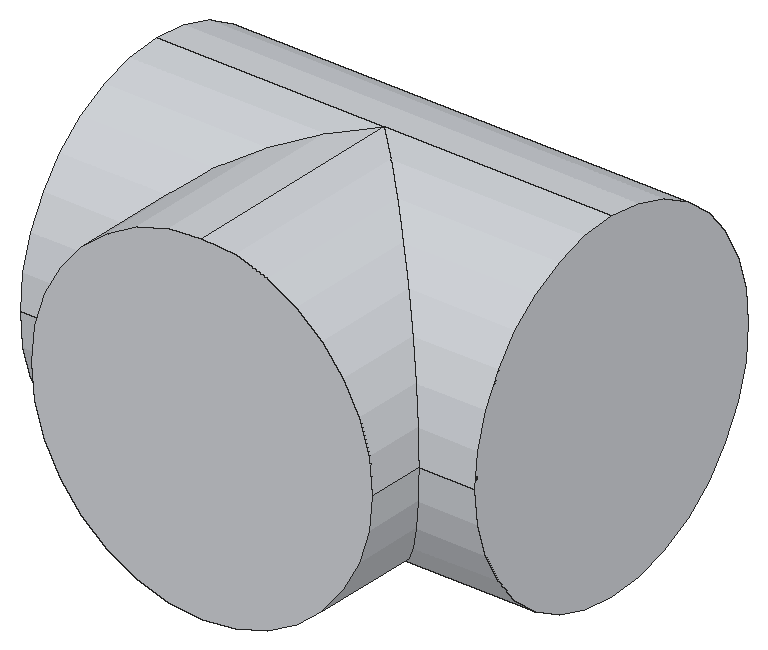
Revit family "M_T redondo", category Conexões de duto, Revit 2019
Family settings
  Cota do conector redondo = Usar raio
  Tipo de parte = Tê
  Número OmniClass = 23.75.70.14
  Título OmniClass = Air Ductwork
  ID de item do Seek = Round Tee-0000-CAN-ENU
  Com base no plano de trabalho = Não
  Sempre na vertical = Sim
  Corte com vazios quando carregada = Não
  Compartilhado = Não
Parameters (values of type "Padrão")
  Raio do duto 3 [instance] = 150 mm
  Raio do duto 1 [instance] = 150 mm
  Comprimento do duto 3 [instance] = Raio do duto 1 + 50 mm  # 200 mm
  Comprimento do duto 1 [instance] = Raio do duto 3 * 2 + 100 mm  # 400 mm
  Assembly Code = ""
Reference planes
  plane 1 "Centro (Frente/Trás)": y = 0
  plane 2: z = 0
  plane 3 "Centro (Esquerda/Direita)": x = 0
  plane 4: x = -200
  plane 5: x = 200
  plane 6: y = -200
Forms (mm)
  Sweep 1, solid, detail levels medium+fine
    path in 3D
      loop
        line (-200, 0, 0) -> (200, 0, 0)
    profile "M_Duto - Redondo : Duto - Principal redondo" origin (0, 0, 0) x (0, 1, 0) y (0, 0, 1)
      loop
        arc (-150, 0) -> (-106.066, -106.066) -> (0, -150) r 150
        arc (0, -150) -> (106.066, -106.066) -> (150, 0) r 150
        arc (150, 0) -> (106.066, 106.066) -> (0, 150) r 150
        arc (0, 150) -> (-106.066, 106.066) -> (-150, 0) r 150
  Sweep 2, solid, detail levels medium+fine
    path in 3D
      loop
        line (0, 0, 0) -> (0, -200, 0)
    profile "M_Duto - Redondo : Duto - Ramificação redonda" origin (0, -100, 0) x (1, 0, 0) y (0, 0, 1)
      loop
        arc (-150, 0) -> (-106.066, -106.066) -> (0, -150) r 150
        arc (0, -150) -> (106.066, -106.066) -> (150, 0) r 150
        arc (150, 0) -> (106.066, 106.066) -> (0, 150) r 150
        arc (0, 150) -> (-106.066, 106.066) -> (-150, 0) r 150
Cuts and joins
  joined: Sweep 1, Sweep 2
Lines and regions (mm)
  reference lines
    curve 1: line (-200, 0, 0) -> (200, 0, 0)
    curve 2: line (0, 0, 0) -> (0, -200, 0)
  sketch lines
    curve 3: line (-200, 0, 0) -> (200, 0, 0)
    curve 4: line (0, 0, 0) -> (0, -200, 0)
  model lines, style "DuctFitting", detail levels coarse
    curve 5: line (-200, 0, 0) -> (200, 0, 0)
    curve 6: line (0, 0, 0) -> (0, -200, 0)
Dimensions and locks
  equal spacing: plane 4, plane 3 "Centro (Esquerda/Direita)", plane 5
  "Comprimento do duto 1": plane 4 to plane 5
  "Comprimento do duto 3": plane 6 to plane 1 "Centro (Frente/Trás)"
  aligned and locked: plane 1 "Centro (Frente/Trás)" to curve 1
  aligned and locked: plane 5 to curve 1
  aligned and locked: plane 4 to curve 1
  aligned and locked: curve 2 to plane 3 "Centro (Esquerda/Direita)"
  aligned and locked: plane 6 to curve 2
  aligned and locked: plane 1 "Centro (Frente/Trás)" to curve 2
  aligned and locked: curve 5 to curve 1
  aligned and locked: curve 6 to curve 2
  aligned and locked: plane 4 to curve 5
  aligned and locked: plane 5 to curve 5
  aligned and locked: plane 6 to curve 6
  aligned and locked: plane 1 "Centro (Frente/Trás)" to curve 6
Connectors
  hvac at (-200, 0, 0), driven by "Raio do duto 1"
    settings: on cut or joined group of Sweep 1, Sweep 2, index 1, duct flow 0.0 L/s, flow factor 0, pres drop 0.0 Pa, loss coef 0, conn angle 0.00°, conn width 304.8 mm, conn height 304.8 mm, conn diameter 300 mm, duct sys type 28, conn prof type 0, flow config 0, flow direction 0, loss method 0, conn ref index 2, conn util no, is conn primary yes, conn desc ""
  hvac at (200, 0, 0), driven by "Raio do duto 1"
    settings: on cut or joined group of Sweep 1, Sweep 2, index 2, duct flow 0.0 L/s, flow factor 0, pres drop 0.0 Pa, loss coef 0, conn angle 0.00°, conn width 304.8 mm, conn height 304.8 mm, conn diameter 300 mm, duct sys type 28, conn prof type 0, flow config 0, flow direction 0, loss method 0, conn ref index 1, conn util no, is conn primary no, conn desc ""
  hvac at (0, -200, 0), driven by "Raio do duto 3"
    settings: on cut or joined group of Sweep 1, Sweep 2, index 3, duct flow 0.0 L/s, flow factor 0, pres drop 0.0 Pa, loss coef 0, conn angle 0.00°, conn width 304.8 mm, conn height 304.8 mm, conn diameter 300 mm, duct sys type 28, conn prof type 0, flow config 0, flow direction 0, loss method 0, conn ref index -1, conn util no, is conn primary no, conn desc ""
